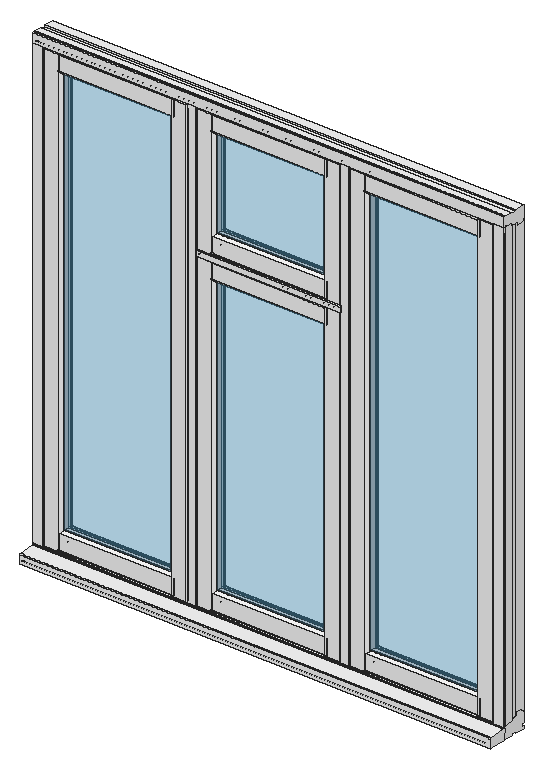
Revit family "C31", category Generic Models, Revit 2012
Parameters (values of type "Window Sill drawing")
  Width = 1778 mm
  Height = 1770 mm
  GlazingPanelMaterial = Glass
  Floor Material = White
Reference planes
  plane 1 "Center (Front/Back)": y = 0
  plane 2: z = 0
  plane 3 "Center (Left/Right)": x = 0
  plane 4: z = 33
  plane 5: x = -1328
  plane 6: x = -439
  plane 7: x = 450
  plane 8: y = 67
  plane 9: y = -67
  plane 10: z = 1770
  plane 11: z = 117
  plane 12: x = 414
  plane 13: x = 402
  plane 14: z = 60
  plane 15: y = 16.985
  plane 16: z = 1734
  plane 17: z = 1730
  plane 18: x = -1292
  plane 19: x = -1288
  plane 20: x = -132
  plane 21: x = -136
  plane 22: x = -168
  plane 23: x = -164
  plane 24: x = -710
  plane 25: x = -714
  plane 26: z = 1255.81
  plane 27: z = 1251.81
  plane 28: z = 1228.81
  plane 29: z = 1224.81
Forms (mm)
  Extrusion 1, solid, not visible
    sketch origin (0, 0, 9.375) x (0, 1, 0) y (0, 0, 1)
      loop
        line (94.662, 311.911) -> (94.314, 312.868) -> (95.314, 312.868) -> (93.454, 317.977) -> (86.115, 317.977) -> (85.011, 317.575) -> (64.143, 317.575) -> (64.143, 311.911) -> (94.662, 311.911)
    from 0 to 250
  Extrusion 2, solid, not visible
    sketch origin (0, 0, 9.375) x (0, 1, 0) y (0, 0, 1)
      loop
        line (93.688, 317.334) -> (85.92, 317.334) -> (87.101, 312.926) -> (95.293, 312.926) -> (93.688, 317.334)
      loop
        line (91.853, 322.376) -> (91.853, 328.194)
        arc (91.853, 328.194) -> (91.424, 329.231) -> (90.388, 329.66) r 1.465
        line (90.388, 329.66) -> (71.853, 329.66) -> (71.853, 322.376) -> (91.853, 322.376)
      loop
        line (73.373, 320.598) -> (64.143, 320.598) -> (64.143, 317.575) -> (73.373, 317.575) -> (73.373, 320.598)
      loop
        line (61.169, 311.884) -> (61.169, 316.884) -> (56.169, 316.884)
        arc (56.169, 316.884) -> (53.926, 317.813) -> (52.996, 320.057) r 3.173
        line (52.996, 320.057) -> (52.996, 327.594)
        arc (52.996, 327.594) -> (53.247, 329.284) -> (54.656, 330.25) r 2.138
        line (54.656, 330.25) -> (56.493, 330.25)
        arc (56.493, 330.25) -> (57.939, 329.727) -> (58.925, 328.548) r 2.95
        line (58.925, 328.548) -> (59.306, 324.922) -> (61.24, 324.922) -> (60.612, 330.901)
        arc (60.612, 330.901) -> (59.723, 332.646) -> (57.894, 333.348) r 2.733
        line (57.894, 333.348) -> (52.423, 333.348)
        arc (52.423, 333.348) -> (50.164, 330.795) -> (49.999, 327.391) r 5.139
        line (49.999, 327.391) -> (47.957, 316.884)
        arc (47.957, 316.884) -> (49.179, 314.507) -> (49.698, 311.884) r 9.583
        line (49.698, 311.884) -> (61.169, 311.884)
    from 0 to 250
  Extrusion 3, solid, not visible
    sketch origin (-848.022, -244.537, 0) x (1, 0, 0) y (0, 1, 0)
      loop
        line (-156.504, 643.402) -> (-146.504, 653.402) -> (-146.504, 655.402) -> (-162.504, 655.402) -> (-162.504, 703.402) -> (-199.504, 703.402)
        arc (-199.504, 703.402) -> (-201.625, 702.524) -> (-202.504, 700.402) r 3
        line (-202.504, 700.402) -> (-202.504, 695.402) -> (-196.504, 695.402) -> (-196.504, 692.402) -> (-202.504, 692.402) -> (-202.504, 679.402) -> (-196.504, 679.402) -> (-196.504, 667.402) -> (-202.504, 667.402) -> (-202.504, 646.402)
        arc (-202.504, 646.402) -> (-201.625, 644.281) -> (-199.504, 643.402) r 3
        line (-199.504, 643.402) -> (-156.504, 643.402)
    from 672 to 1294
  Extrusion 4, solid, not visible
    sketch origin (-848.022, -244.537, 0) x (1, 0, 0) y (0, 1, 0)
      loop
        line (-162.504, 700.402) -> (-162.504, 681.402) -> (-150.504, 681.402) -> (-150.504, 684.402) -> (-146.504, 685.402) -> (-146.504, 689.402) -> (-149.504, 689.402)
        arc (-149.504, 689.402) -> (-151.847, 695.059) -> (-157.504, 697.402) r 8
        line (-157.504, 697.402) -> (-157.504, 700.402) -> (-162.504, 700.402)
    from 672 to 1294
  Extrusion 5, solid, not visible
    sketch origin (-511.418, -643.152, -230) x (1, 0, 0) y (0, 1, 0)
      loop
        line (-200.504, 641.902) -> (-200.504, 638.902) -> (-198.254, 638.902) -> (-198.254, 634.902) -> (-195.818, 634.902) -> (-195.818, 638.902) -> (-193.504, 638.902) -> (-193.504, 641.902) -> (-195.282, 641.902) -> (-195.282, 641.116) -> (-194.482, 641.116) -> (-194.482, 639.814) -> (-199.81, 639.814) -> (-199.81, 641.116) -> (-199.01, 641.116) -> (-199.01, 641.902) -> (-200.504, 641.902)
    from 230 to 852
  Extrusion 6, solid, not visible
    sketch origin (-511.418, -643.152, -140) x (1, 0, 0) y (0, 1, 0)
      loop
        line (-194.482, 639.814) -> (-194.482, 641.116) -> (-199.81, 641.116) -> (-199.81, 639.814) -> (-194.482, 639.814)
    from 140 to 762
  Extrusion 7, solid, not visible
    sketch origin (-511.418, -643.152, 0) x (1, 0, 0) y (0, 1, 0)
      loop
        spline (-199.847, 645.779) -> (-199.478, 645.505) -> (-199.241, 645.183) -> (-199.108, 644.823) -> (-199.048, 644.431) -> (-199.033, 644.016) -> (-199.035, 643.585) -> (-199.023, 643.147) -> (-198.97, 642.709) -> (-198.847, 642.279) -> (-198.624, 641.865) -> (-198.272, 641.475) -> (-197.764, 641.116)
        line (-197.764, 641.116) -> (-196.529, 641.116)
        spline (-196.529, 641.116) -> (-195.991, 641.457) -> (-195.612, 641.839) -> (-195.363, 642.251) -> (-195.215, 642.684) -> (-195.139, 643.129) -> (-195.106, 643.577) -> (-195.086, 644.017) -> (-195.05, 644.441) -> (-194.969, 644.838) -> (-194.814, 645.2) -> (-194.556, 645.517) -> (-194.166, 645.779)
        line (-194.166, 645.779) -> (-199.847, 645.779)
    from 0 to 622
  Extrusion 8, solid, material "White" <- "Floor Material"
    sketch origin (0, -3440.583, 266.929) x (0, 1, 0) y (0, 0, 1)
      loop
        line (3451.083, 1455.128) -> (3435.083, 1455.128)
        arc (3435.083, 1455.128) -> (3433.669, 1454.542) -> (3433.083, 1453.128) r 2
        line (3433.083, 1453.128) -> (3415.083, 1453.128)
        arc (3415.083, 1453.128) -> (3414.498, 1454.542) -> (3413.083, 1455.128) r 2
        line (3413.083, 1455.128) -> (3402.083, 1455.128) -> (3402.083, 1460.128)
        arc (3402.083, 1460.128) -> (3401.205, 1462.249) -> (3399.083, 1463.128) r 3
        line (3399.083, 1463.128) -> (3397.083, 1463.128)
        arc (3397.083, 1463.128) -> (3394.962, 1462.249) -> (3394.083, 1460.128) r 3
        line (3394.083, 1460.128) -> (3394.083, 1405.128) -> (3404.083, 1395.128) -> (3406.083, 1395.128) -> (3406.083, 1411.128) -> (3454.083, 1411.128) -> (3454.083, 1452.128)
        arc (3454.083, 1452.128) -> (3453.205, 1454.249) -> (3451.083, 1455.128) r 3
    from -657.987 to -219.993
  Sweep 9, solid, material "White" <- "Floor Material"
    path origin (16.12, -8, -4.107) x (1, 0, 0) y (0, 0, 1)
      loop
        line (-674, 1682.007) -> (-674, 1316.11) -> (-236.22, 1316.11) -> (-236.22, 1682.007) -> (-674, 1682.007)
    profile origin (-438.99, -8, 1677.9) x (0, 0, 1) y (0, -1, 0)
      loop
        line (-4.893, -19) -> (0.107, -19) -> (0.107, 0) -> (-11.893, 0) -> (-11.893, -3) -> (-15.893, -4) -> (-15.893, -8) -> (-12.893, -8)
        arc (-12.893, -8) -> (-10.55, -13.657) -> (-4.893, -16) r 8
        line (-4.893, -16) -> (-4.893, -19)
  Extrusion 10, solid, material "Glass"
    sketch origin (2388.494, -1584.07, 280) x (1, 0, 0) y (0, 1, 0)
      loop
        line (-3042.481, 1575.085) -> (-3042.481, 1571.085) -> (-2613.487, 1571.085) -> (-2613.487, 1575.085) -> (-3042.481, 1575.085)
      loop
        line (-3042.481, 1555.085) -> (-3042.481, 1551.085) -> (-2613.487, 1551.085) -> (-2613.487, 1555.085) -> (-3042.481, 1555.085)
    from 1035.803 to 1393.007
  Sweep 11, solid
    path origin (16.013, -20.977, 276) x (1, 0, 0) y (0, 0, 1)
      loop
        line (-670, 1398.057) -> (-670, 1039.803) -> (-240.013, 1039.803) -> (-240.013, 1398.057) -> (-670, 1398.057)
    profile origin (-438.993, -20.977, 1674.057) x (0, 0, 1) y (0, -1, 0)
      loop
        line (0, -8) -> (0, 8) -> (-10, 8) -> (-10, -8) -> (0, -8)
  Extrusion 12, solid, material "White" <- "Floor Material"
    sketch origin (0, -3500.599, -3.128) x (0, 1, 0) y (0, 0, 1)
      loop
        line (3457.583, 41.128) -> (3452.583, 41.128) -> (3395.213, 37.105)
        arc (3395.213, 37.105) -> (3393.335, 36.114) -> (3392.583, 34.128) r 3
        line (3392.583, 34.128) -> (3392.583, 3.128) -> (3397.583, 3.128) -> (3397.583, 5.128)
        arc (3397.583, 5.128) -> (3400.583, 8.128) -> (3403.583, 5.128) r 3
        line (3403.583, 5.128) -> (3403.583, 3.128) -> (3452.583, 3.128) -> (3452.583, 26.128) -> (3457.583, 26.128) -> (3457.583, 41.128)
    from -1328 to 450
  Extrusion 13, solid, material "White" <- "Floor Material"
    sketch origin (0, -3500.599, -3.128) x (0, 1, 0) y (0, 0, 1)
      loop
        line (3546.583, 58.128) -> (3543.583, 58.128)
        arc (3543.583, 58.128) -> (3540.655, 65.199) -> (3533.583, 68.128) r 10
        line (3533.583, 68.128) -> (3533.583, 71.128) -> (3517.583, 71.128) -> (3517.583, 63.128) -> (3523.583, 63.128) -> (3523.583, 60.128) -> (3517.583, 60.128) -> (3517.583, 59.128) -> (3494.583, 56.128) -> (3494.583, 51.128) -> (3454.583, 46.128)
        arc (3454.583, 46.128) -> (3453.169, 45.542) -> (3452.583, 44.128) r 2
        line (3452.583, 44.128) -> (3452.583, 41.128) -> (3457.583, 41.128) -> (3457.583, 26.128) -> (3452.583, 26.128) -> (3452.583, 3.128) -> (3457.583, 3.128) -> (3457.583, 5.128)
        arc (3457.583, 5.128) -> (3460.583, 8.128) -> (3463.583, 5.128) r 3
        line (3463.583, 5.128) -> (3463.583, 3.128) -> (3489.583, 3.128) -> (3489.583, 8.128) -> (3509.583, 8.128) -> (3509.583, 3.128) -> (3546.583, 3.128) -> (3546.583, 13.128) -> (3536.583, 13.128) -> (3536.583, 23.128) -> (3546.583, 23.128) -> (3546.583, 58.128)
    from -1328 to 450
  Sweep 14, solid, material "White" <- "Floor Material"
    path origin (0, 0, 0) x (1, 0, 0) y (0, 0, 1)
      loop
        line (-1328, 1770) -> (450, 1770)
    profile origin (-439, 0, 1770) x (0, 0, 1) y (0, -1, 0)
      loop
        line (0, -10) -> (-5, -10) -> (-5, 10) -> (0, 10) -> (0, 36) -> (-2, 36)
        arc (-2, 36) -> (-5, 39) -> (-2, 42) r 3
        line (-2, 42) -> (0, 42) -> (0, 47) -> (-36, 47) -> (-36, 43)
        arc (-36, 43) -> (-34.834, 41.499) -> (-33, 41) r 3
        line (-33, 41) -> (-33, 34.079)
        arc (-33, 34.079) -> (-34.922, 33.441) -> (-36, 31.727) r 3
        line (-36, 31.727) -> (-36, 7) -> (-44, 7) -> (-44, -1) -> (-36, -1) -> (-36, -4) -> (-44, -4) -> (-44, -14) -> (-36, -14) -> (-36, -18) -> (-56, -18) -> (-56, -34) -> (-53, -34)
        arc (-53, -34) -> (-50.071, -41.071) -> (-43, -44) r 10
        line (-43, -44) -> (-43, -47) -> (0, -47) -> (0, -10)
  Extrusion 15, solid, material "White" <- "Floor Material"
    sketch origin (753.141, -3440.699, 1654.007) x (0, 1, 0) y (-1, 0, 0)
      loop
        line (3451.083, 1455.128) -> (3435.083, 1455.128)
        arc (3435.083, 1455.128) -> (3433.669, 1454.542) -> (3433.083, 1453.128) r 2
        line (3433.083, 1453.128) -> (3415.083, 1453.128)
        arc (3415.083, 1453.128) -> (3414.498, 1454.542) -> (3413.083, 1455.128) r 2
        line (3413.083, 1455.128) -> (3402.083, 1455.128) -> (3402.083, 1460.128)
        arc (3402.083, 1460.128) -> (3401.205, 1462.249) -> (3399.083, 1463.128) r 3
        line (3399.083, 1463.128) -> (3397.083, 1463.128)
        arc (3397.083, 1463.128) -> (3394.962, 1462.249) -> (3394.083, 1460.128) r 3
        line (3394.083, 1460.128) -> (3394.083, 1405.128) -> (3404.083, 1395.128) -> (3406.083, 1395.128) -> (3406.083, 1411.128) -> (3454.083, 1411.128) -> (3454.083, 1452.128)
        arc (3454.083, 1452.128) -> (3453.205, 1454.249) -> (3451.083, 1455.128) r 3
    from -398.197 to 76.051
  Extrusion 16, solid, material "White" <- "Floor Material"
    sketch origin (-1521.128, -3440.699, 1654.007) x (0, 1, 0) y (-1, 0, 0)
      loop
        arc (3451.083, -1345.128) -> (3453.205, -1344.249) -> (3454.083, -1342.128) r 3
        line (3454.083, -1342.128) -> (3454.083, -1301.128) -> (3406.083, -1301.128) -> (3406.083, -1285.128) -> (3404.083, -1285.128) -> (3394.083, -1295.128) -> (3394.083, -1350.128)
        arc (3394.083, -1350.128) -> (3394.962, -1352.249) -> (3397.083, -1353.128) r 3
        line (3397.083, -1353.128) -> (3399.083, -1353.128)
        arc (3399.083, -1353.128) -> (3401.205, -1352.249) -> (3402.083, -1350.128) r 3
        line (3402.083, -1350.128) -> (3402.083, -1345.128) -> (3413.083, -1345.128)
        arc (3413.083, -1345.128) -> (3414.498, -1344.542) -> (3415.083, -1343.128) r 2
        line (3415.083, -1343.128) -> (3433.083, -1343.128)
        arc (3433.083, -1343.128) -> (3433.669, -1344.542) -> (3435.083, -1345.128) r 2
        line (3435.083, -1345.128) -> (3451.083, -1345.128)
    from -398.197 to 76.051
  Extrusion 17, solid, material "White" <- "Floor Material"
    sketch origin (-14.349, -3440.583, 2722.931) x (0, 1, 0) y (0, 0, 1)
      loop
        arc (3451.083, -1455.128) -> (3453.205, -1454.249) -> (3454.083, -1452.128) r 3
        line (3454.083, -1452.128) -> (3454.083, -1411.128) -> (3406.083, -1411.128) -> (3406.083, -1395.128) -> (3404.083, -1395.128) -> (3394.083, -1405.128) -> (3394.083, -1464.121)
        arc (3394.083, -1464.121) -> (3394.962, -1466.243) -> (3397.083, -1467.121) r 3
        line (3397.083, -1467.121) -> (3399.083, -1467.121)
        arc (3399.083, -1467.121) -> (3401.205, -1466.243) -> (3402.083, -1464.121) r 3
        line (3402.083, -1464.121) -> (3402.083, -1455.128) -> (3413.083, -1455.128)
        arc (3413.083, -1455.128) -> (3414.498, -1454.542) -> (3415.083, -1453.128) r 2
        line (3415.083, -1453.128) -> (3433.083, -1453.128)
        arc (3433.083, -1453.128) -> (3433.669, -1454.542) -> (3435.083, -1455.128) r 2
        line (3435.083, -1455.128) -> (3451.083, -1455.128)
    from -643.638 to -205.644
  Extrusion 18, solid, material "White" <- "Floor Material"
    sketch origin (-1476.128, -3440.699, 1654.007) x (0, 1, 0) y (-1, 0, 0)
      loop
        line (3397.083, -1312.128) -> (3393.083, -1312.128) -> (3393.083, -1340.128) -> (3397.083, -1340.128)
        arc (3397.083, -1340.128) -> (3398.498, -1339.542) -> (3399.083, -1338.128) r 2
        line (3399.083, -1338.128) -> (3399.083, -1337.128) -> (3406.083, -1337.128) -> (3406.083, -1338.128)
        arc (3406.083, -1338.128) -> (3406.669, -1339.542) -> (3408.083, -1340.128) r 2
        line (3408.083, -1340.128) -> (3433.083, -1340.128) -> (3433.083, -1346.128) -> (3441.083, -1346.128) -> (3441.083, -1340.128) -> (3444.083, -1340.128) -> (3444.083, -1348.128) -> (3454.083, -1348.128) -> (3454.083, -1340.128) -> (3458.083, -1340.128) -> (3458.083, -1360.128) -> (3474.083, -1360.128) -> (3474.083, -1357.128)
        arc (3474.083, -1357.128) -> (3481.155, -1354.199) -> (3484.083, -1347.128) r 10
        line (3484.083, -1347.128) -> (3487.083, -1347.128) -> (3487.083, -1305.128) -> (3484.083, -1305.128)
        arc (3484.083, -1305.128) -> (3481.155, -1298.057) -> (3474.083, -1295.128) r 10
        line (3474.083, -1295.128) -> (3474.083, -1292.128) -> (3458.083, -1292.128) -> (3458.083, -1312.128) -> (3454.083, -1312.128) -> (3454.083, -1304.128) -> (3444.083, -1304.128) -> (3444.083, -1312.128) -> (3441.083, -1312.128) -> (3441.083, -1306.128) -> (3433.083, -1306.128) -> (3433.083, -1312.128) -> (3408.083, -1312.128)
        arc (3408.083, -1312.128) -> (3406.669, -1312.714) -> (3406.083, -1314.128) r 2
        line (3406.083, -1314.128) -> (3406.083, -1315.128) -> (3399.083, -1315.128) -> (3399.083, -1314.128)
        arc (3399.083, -1314.128) -> (3398.498, -1312.714) -> (3397.083, -1312.128) r 2
    from -1606.007 to 79.993
  Extrusion 19, solid, material "White" <- "Floor Material"
    sketch origin (-300, -3440.583, 266.513) x (0, 1, 0) y (0, 0, -1)
      loop
        arc (3451.083, -1455.128) -> (3453.205, -1454.249) -> (3454.083, -1452.128) r 3
        line (3454.083, -1452.128) -> (3454.083, -1411.128) -> (3406.083, -1411.128) -> (3406.083, -1395.128) -> (3404.083, -1395.128) -> (3394.083, -1405.128) -> (3394.083, -1460.128)
        arc (3394.083, -1460.128) -> (3394.962, -1462.249) -> (3397.083, -1463.128) r 3
        line (3397.083, -1463.128) -> (3399.083, -1463.128)
        arc (3399.083, -1463.128) -> (3401.205, -1462.249) -> (3402.083, -1460.128) r 3
        line (3402.083, -1460.128) -> (3402.083, -1455.128) -> (3413.083, -1455.128)
        arc (3413.083, -1455.128) -> (3414.498, -1454.542) -> (3415.083, -1453.128) r 2
        line (3415.083, -1453.128) -> (3433.083, -1453.128)
        arc (3433.083, -1453.128) -> (3433.669, -1454.542) -> (3435.083, -1455.128) r 2
        line (3435.083, -1455.128) -> (3451.083, -1455.128)
    from -657.987 to -220.093
  Extrusion 20, solid, material "White" <- "Floor Material"
    sketch origin (-1053.141, -3440.699, 1654.007) x (0, 1, 0) y (-1, 0, 0)
      loop
        arc (3451.083, -1455.128) -> (3453.205, -1454.249) -> (3454.083, -1452.128) r 3
        line (3454.083, -1452.128) -> (3454.083, -1411.128) -> (3406.083, -1411.128) -> (3406.083, -1395.128) -> (3404.083, -1395.128) -> (3394.083, -1405.128) -> (3394.083, -1460.128)
        arc (3394.083, -1460.128) -> (3394.962, -1462.249) -> (3397.083, -1463.128) r 3
        line (3397.083, -1463.128) -> (3399.083, -1463.128)
        arc (3399.083, -1463.128) -> (3401.205, -1462.249) -> (3402.083, -1460.128) r 3
        line (3402.083, -1460.128) -> (3402.083, -1455.128) -> (3413.083, -1455.128)
        arc (3413.083, -1455.128) -> (3414.498, -1454.542) -> (3415.083, -1453.128) r 2
        line (3415.083, -1453.128) -> (3433.083, -1453.128)
        arc (3433.083, -1453.128) -> (3433.669, -1454.542) -> (3435.083, -1455.128) r 2
        line (3435.083, -1455.128) -> (3451.083, -1455.128)
    from -1606.007 to 75.634
  Extrusion 21, solid, material "White" <- "Floor Material"
    sketch origin (-300, -3440.199, 1515.078) x (0, 1, 0) y (0, 0, -1)
      loop
        line (3451.083, 1455.128) -> (3435.083, 1455.128)
        arc (3435.083, 1455.128) -> (3433.669, 1454.542) -> (3433.083, 1453.128) r 2
        line (3433.083, 1453.128) -> (3415.083, 1453.128)
        arc (3415.083, 1453.128) -> (3414.498, 1454.542) -> (3413.083, 1455.128) r 2
        line (3413.083, 1455.128) -> (3402.083, 1455.128) -> (3402.083, 1464.078)
        arc (3402.083, 1464.078) -> (3401.205, 1466.2) -> (3399.083, 1467.078) r 3
        line (3399.083, 1467.078) -> (3397.083, 1467.078)
        arc (3397.083, 1467.078) -> (3394.962, 1466.2) -> (3394.083, 1464.078) r 3
        line (3394.083, 1464.078) -> (3394.083, 1405.128) -> (3404.083, 1395.128) -> (3406.083, 1395.128) -> (3406.083, 1411.128) -> (3454.083, 1411.128) -> (3454.083, 1452.128)
        arc (3454.083, 1452.128) -> (3453.205, 1454.249) -> (3451.083, 1455.128) r 3
    from -657.987 to -220.093
  Extrusion 22, solid, material "White" <- "Floor Material"
    sketch origin (0, -3440.583, 1515.128) x (0, 1, 0) y (0, 0, 1)
      loop
        arc (3451.083, -1455.128) -> (3453.205, -1454.249) -> (3454.083, -1452.128) r 3
        line (3454.083, -1452.128) -> (3454.083, -1411.128) -> (3406.083, -1411.128) -> (3406.083, -1395.128) -> (3404.083, -1395.128) -> (3394.083, -1405.128) -> (3394.083, -1464.128)
        arc (3394.083, -1464.128) -> (3394.962, -1466.249) -> (3397.083, -1467.128) r 3
        line (3397.083, -1467.128) -> (3399.083, -1467.128)
        arc (3399.083, -1467.128) -> (3401.205, -1466.249) -> (3402.083, -1464.128) r 3
        line (3402.083, -1464.128) -> (3402.083, -1455.128) -> (3413.083, -1455.128)
        arc (3413.083, -1455.128) -> (3414.498, -1454.542) -> (3415.083, -1453.128) r 2
        line (3415.083, -1453.128) -> (3433.083, -1453.128)
        arc (3433.083, -1453.128) -> (3433.669, -1454.542) -> (3435.083, -1455.128) r 2
        line (3435.083, -1455.128) -> (3451.083, -1455.128)
    from -657.987 to -219.993
  Extrusion 23, solid, material "White" <- "Floor Material"
    sketch origin (-2125.852, -3440.699, -191.1) x (0, 1, 0) y (0, 0, -1)
      loop
        line (3397.083, -1421.91) -> (3393.083, -1421.91) -> (3393.083, -1441.91) -> (3393.083, -1442.91)
        arc (3393.083, -1442.91) -> (3393.669, -1444.325) -> (3395.083, -1444.91) r 2
        line (3395.083, -1444.91) -> (3435.083, -1450.128) -> (3435.083, -1455.128) -> (3458.083, -1458.128) -> (3458.083, -1459.128) -> (3464.083, -1459.128) -> (3464.083, -1462.128) -> (3458.083, -1462.128) -> (3458.083, -1470.128) -> (3474.083, -1470.128) -> (3474.083, -1467.128)
        arc (3474.083, -1467.128) -> (3481.155, -1464.199) -> (3484.083, -1457.128) r 10
        line (3484.083, -1457.128) -> (3487.083, -1457.128) -> (3487.083, -1415.128) -> (3484.083, -1415.128)
        arc (3484.083, -1415.128) -> (3481.155, -1408.057) -> (3474.083, -1405.128) r 10
        line (3474.083, -1405.128) -> (3474.083, -1402.128) -> (3458.083, -1402.128) -> (3458.083, -1422.128) -> (3454.083, -1422.128) -> (3454.083, -1413.91) -> (3444.083, -1413.91) -> (3444.083, -1421.91) -> (3441.083, -1421.91) -> (3441.083, -1415.91) -> (3433.083, -1415.91) -> (3433.083, -1421.91) -> (3408.083, -1421.91)
        arc (3408.083, -1421.91) -> (3406.669, -1422.496) -> (3406.083, -1423.91) r 2
        line (3406.083, -1423.91) -> (3406.083, -1424.91) -> (3399.083, -1424.91) -> (3399.083, -1423.91)
        arc (3399.083, -1423.91) -> (3398.498, -1422.496) -> (3397.083, -1421.91) r 2
    from -1961.852 to -1411.852
  Extrusion 24, solid, material "White" <- "Floor Material"
    sketch origin (-31.073, -3440.583, -234.318) x (0, 1, 0) y (0, 0, 1)
      loop
        line (3451.083, 1455.128) -> (3435.083, 1455.128)
        arc (3435.083, 1455.128) -> (3433.669, 1454.542) -> (3433.083, 1453.128) r 2
        line (3433.083, 1453.128) -> (3415.083, 1453.128)
        arc (3415.083, 1453.128) -> (3414.498, 1454.542) -> (3413.083, 1455.128) r 2
        line (3413.083, 1455.128) -> (3402.083, 1455.128) -> (3402.083, 1460.128)
        arc (3402.083, 1460.128) -> (3401.205, 1462.249) -> (3399.083, 1463.128) r 3
        line (3399.083, 1463.128) -> (3397.083, 1463.128)
        arc (3397.083, 1463.128) -> (3394.962, 1462.249) -> (3394.083, 1460.128) r 3
        line (3394.083, 1460.128) -> (3394.083, 1405.128) -> (3404.083, 1395.128) -> (3406.083, 1395.128) -> (3406.083, 1411.128) -> (3454.083, 1411.128) -> (3454.083, 1452.128)
        arc (3454.083, 1452.128) -> (3453.205, 1454.249) -> (3451.083, 1455.128) r 3
    from -626.914 to -188.92
  Sweep 25, solid, material "White" <- "Floor Material"
    path origin (16.12, -8, -514.094) x (1, 0, 0) y (0, 0, 1)
      loop
        line (-674, 1689.021) -> (-674, 618.194) -> (-236.22, 618.194) -> (-236.22, 1689.021) -> (-674, 1689.021)
    profile origin (-438.99, -8, 1174.927) x (0, 0, 1) y (0, -1, 0)
      loop
        line (-4.893, -19) -> (0.107, -19) -> (0.107, 0) -> (-11.893, 0) -> (-11.893, -3) -> (-15.893, -4) -> (-15.893, -8) -> (-12.893, -8)
        arc (-12.893, -8) -> (-10.55, -13.657) -> (-4.893, -16) r 8
        line (-4.893, -16) -> (-4.893, -19)
  Extrusion 26, solid, material "White" <- "Floor Material"
    sketch origin (753.141, -3440.699, 1144.02) x (0, 1, 0) y (-1, 0, 0)
      loop
        line (3451.083, 1455.128) -> (3435.083, 1455.128)
        arc (3435.083, 1455.128) -> (3433.669, 1454.542) -> (3433.083, 1453.128) r 2
        line (3433.083, 1453.128) -> (3415.083, 1453.128)
        arc (3415.083, 1453.128) -> (3414.498, 1454.542) -> (3413.083, 1455.128) r 2
        line (3413.083, 1455.128) -> (3402.083, 1455.128) -> (3402.083, 1460.128)
        arc (3402.083, 1460.128) -> (3401.205, 1462.249) -> (3399.083, 1463.128) r 3
        line (3399.083, 1463.128) -> (3397.083, 1463.128)
        arc (3397.083, 1463.128) -> (3394.962, 1462.249) -> (3394.083, 1460.128) r 3
        line (3394.083, 1460.128) -> (3394.083, 1405.128) -> (3404.083, 1395.128) -> (3406.083, 1395.128) -> (3406.083, 1411.128) -> (3454.083, 1411.128) -> (3454.083, 1452.128)
        arc (3454.083, 1452.128) -> (3453.205, 1454.249) -> (3451.083, 1455.128) r 3
    from -1096.143 to 84.79
  Extrusion 27, solid, material "White" <- "Floor Material"
    sketch origin (-1521.128, -3440.699, 1144.02) x (0, 1, 0) y (-1, 0, 0)
      loop
        arc (3451.083, -1345.128) -> (3453.205, -1344.249) -> (3454.083, -1342.128) r 3
        line (3454.083, -1342.128) -> (3454.083, -1301.128) -> (3406.083, -1301.128) -> (3406.083, -1285.128) -> (3404.083, -1285.128) -> (3394.083, -1295.128) -> (3394.083, -1350.128)
        arc (3394.083, -1350.128) -> (3394.962, -1352.249) -> (3397.083, -1353.128) r 3
        line (3397.083, -1353.128) -> (3399.083, -1353.128)
        arc (3399.083, -1353.128) -> (3401.205, -1352.249) -> (3402.083, -1350.128) r 3
        line (3402.083, -1350.128) -> (3402.083, -1345.128) -> (3413.083, -1345.128)
        arc (3413.083, -1345.128) -> (3414.498, -1344.542) -> (3415.083, -1343.128) r 2
        line (3415.083, -1343.128) -> (3433.083, -1343.128)
        arc (3433.083, -1343.128) -> (3433.669, -1344.542) -> (3435.083, -1345.128) r 2
        line (3435.083, -1345.128) -> (3451.083, -1345.128)
    from -1096.02 to 84.79
  Extrusion 28, solid, material "Glass"
    sketch origin (2388.494, -1584.07, -509.987) x (1, 0, 0) y (0, 1, 0)
      loop
        line (-3042.481, 1575.085) -> (-3042.481, 1571.085) -> (-2608.487, 1571.085) -> (-2608.487, 1575.085) -> (-3042.481, 1575.085)
      loop
        line (-3042.481, 1555.085) -> (-3042.481, 1551.085) -> (-2608.487, 1551.085) -> (-2608.487, 1555.085) -> (-3042.481, 1555.085)
    from 617.987 to 1680.797
  Sweep 29, solid
    path origin (16.013, -20.977, -513.987) x (1, 0, 0) y (0, 0, 1)
      loop
        line (-670, 1685.021) -> (-670, 621.987) -> (-240.006, 621.987) -> (-240.006, 1685.021) -> (-670, 1685.021)
    profile origin (-438.99, -20.977, 1171.034) x (0, 0, 1) y (0, -1, 0)
      loop
        line (0, -8) -> (0, 8) -> (-10, 8) -> (-10, -8) -> (0, -8)
  Sweep 30, solid, material "White" <- "Floor Material"
    path origin (593.813, -8, -514.094) x (1, 0, 0) y (0, 0, 1)
      loop
        line (-673.613, 2191.534) -> (-673.613, 618.194) -> (-236, 618.194) -> (-236, 2191.534) -> (-673.613, 2191.534)
    profile origin (139.007, -8, 1677.441) x (0, 0, 1) y (0, -1, 0)
      loop
        line (-4.893, -19) -> (0.107, -19) -> (0.107, 0) -> (-11.893, 0) -> (-11.893, -3) -> (-15.893, -4) -> (-15.893, -8) -> (-12.893, -8)
        arc (-12.893, -8) -> (-10.55, -13.657) -> (-4.893, -16) r 8
        line (-4.893, -16) -> (-4.893, -19)
  Extrusion 31, solid, material "Glass"
    sketch origin (2966.187, -1584.07, -509.987) x (1, 0, 0) y (0, 1, 0)
      loop
        line (-3041.094, 1575.085) -> (-3041.094, 1571.085) -> (-2612.267, 1571.085) -> (-2612.267, 1575.085) -> (-3041.094, 1575.085)
      loop
        line (-3041.96, 1555.085) -> (-3041.96, 1551.085) -> (-2612.267, 1551.085) -> (-2612.267, 1555.085) -> (-3041.96, 1555.085)
    from 617.987 to 2182.534
  Sweep 32, solid
    path origin (593.706, -20.977, -513.987) x (1, 0, 0) y (0, 0, 1)
      loop
        line (-669.479, 2187.987) -> (-669.479, 621.987) -> (-239.786, 621.987) -> (-239.786, 2187.987) -> (-669.479, 2187.987)
    profile origin (139.074, -20.977, 1674) x (0, 0, 1) y (0, -1, 0)
      loop
        line (0, -8) -> (0, 8) -> (-10, 8) -> (-10, -8) -> (0, -8)
  Extrusion 33, solid, material "White" <- "Floor Material"
    sketch origin (1331.128, -3440.699, 1144.02) x (0, 1, 0) y (-1, 0, 0)
      loop
        line (3451.083, 1455.128) -> (3435.083, 1455.128)
        arc (3435.083, 1455.128) -> (3433.669, 1454.542) -> (3433.083, 1453.128) r 2
        line (3433.083, 1453.128) -> (3415.083, 1453.128)
        arc (3415.083, 1453.128) -> (3414.498, 1454.542) -> (3413.083, 1455.128) r 2
        line (3413.083, 1455.128) -> (3402.083, 1455.128) -> (3402.083, 1460.128)
        arc (3402.083, 1460.128) -> (3401.205, 1462.249) -> (3399.083, 1463.128) r 3
        line (3399.083, 1463.128) -> (3397.083, 1463.128)
        arc (3397.083, 1463.128) -> (3394.962, 1462.249) -> (3394.083, 1460.128) r 3
        line (3394.083, 1460.128) -> (3394.083, 1405.128) -> (3404.083, 1395.128) -> (3406.083, 1395.128) -> (3406.083, 1411.128) -> (3454.083, 1411.128) -> (3454.083, 1452.128)
        arc (3454.083, 1452.128) -> (3453.205, 1454.249) -> (3451.083, 1455.128) r 3
    from -1096.143 to 585.621
  Extrusion 34, solid, material "White" <- "Floor Material"
    sketch origin (-578, -3440.583, 266.929) x (0, 1, 0) y (0, 0, 1)
      loop
        line (3451.083, 1455.128) -> (3435.083, 1455.128)
        arc (3435.083, 1455.128) -> (3433.669, 1454.542) -> (3433.083, 1453.128) r 2
        line (3433.083, 1453.128) -> (3415.083, 1453.128)
        arc (3415.083, 1453.128) -> (3414.498, 1454.542) -> (3413.083, 1455.128) r 2
        line (3413.083, 1455.128) -> (3402.083, 1455.128) -> (3402.083, 1460.128)
        arc (3402.083, 1460.128) -> (3401.205, 1462.249) -> (3399.083, 1463.128) r 3
        line (3399.083, 1463.128) -> (3397.083, 1463.128)
        arc (3397.083, 1463.128) -> (3394.962, 1462.249) -> (3394.083, 1460.128) r 3
        line (3394.083, 1460.128) -> (3394.083, 1405.128) -> (3404.083, 1395.128) -> (3406.083, 1395.128) -> (3406.083, 1411.128) -> (3454.083, 1411.128) -> (3454.083, 1452.128)
        arc (3454.083, 1452.128) -> (3453.205, 1454.249) -> (3451.083, 1455.128) r 3
    from -657.987 to -219.993
  Sweep 35, solid, material "White" <- "Floor Material"
    path origin (-561.88, -8, -4.107) x (1, 0, 0) y (0, 0, 1)
      loop
        line (-674, 1682.007) -> (-674, 108.207) -> (-236.22, 108.207) -> (-236.22, 1682.007) -> (-674, 1682.007)
    profile origin (-1016.99, -8, 1677.9) x (0, 0, 1) y (0, -1, 0)
      loop
        line (-4.893, -19) -> (0.107, -19) -> (0.107, 0) -> (-11.893, 0) -> (-11.893, -3) -> (-15.893, -4) -> (-15.893, -8) -> (-12.893, -8)
        arc (-12.893, -8) -> (-10.55, -13.657) -> (-4.893, -16) r 8
        line (-4.893, -16) -> (-4.893, -19)
  Extrusion 36, solid, material "Glass"
    sketch origin (1810.494, -1584.07, 280) x (1, 0, 0) y (0, 1, 0)
      loop
        line (-3042.481, 1575.085) -> (-3042.481, 1571.085) -> (-2613.487, 1571.085) -> (-2613.487, 1575.085) -> (-3042.481, 1575.085)
      loop
        line (-3042.481, 1555.085) -> (-3042.481, 1551.085) -> (-2613.487, 1551.085) -> (-2613.487, 1555.085) -> (-3042.481, 1555.085)
    from -172.007 to 1393.007
  Sweep 37, solid
    path origin (-561.987, -20.977, 276) x (1, 0, 0) y (0, 0, 1)
      loop
        line (-670, 1398.057) -> (-670, -168.007) -> (-240.013, -168.007) -> (-240.013, 1398.057) -> (-670, 1398.057)
    profile origin (-1016.993, -20.977, 1674.057) x (0, 0, 1) y (0, -1, 0)
      loop
        line (0, -8) -> (0, 8) -> (-10, 8) -> (-10, -8) -> (0, -8)
  Extrusion 38, solid, material "White" <- "Floor Material"
    sketch origin (-2054.128, -3440.699, 1654.007) x (0, 1, 0) y (-1, 0, 0)
      loop
        line (3397.083, -1312.128) -> (3393.083, -1312.128) -> (3393.083, -1340.128) -> (3397.083, -1340.128)
        arc (3397.083, -1340.128) -> (3398.498, -1339.542) -> (3399.083, -1338.128) r 2
        line (3399.083, -1338.128) -> (3399.083, -1337.128) -> (3406.083, -1337.128) -> (3406.083, -1338.128)
        arc (3406.083, -1338.128) -> (3406.669, -1339.542) -> (3408.083, -1340.128) r 2
        line (3408.083, -1340.128) -> (3433.083, -1340.128) -> (3433.083, -1346.128) -> (3441.083, -1346.128) -> (3441.083, -1340.128) -> (3444.083, -1340.128) -> (3444.083, -1348.128) -> (3454.083, -1348.128) -> (3454.083, -1340.128) -> (3458.083, -1340.128) -> (3458.083, -1360.128) -> (3474.083, -1360.128) -> (3474.083, -1357.128)
        arc (3474.083, -1357.128) -> (3481.155, -1354.199) -> (3484.083, -1347.128) r 10
        line (3484.083, -1347.128) -> (3487.083, -1347.128) -> (3487.083, -1305.128) -> (3484.083, -1305.128)
        arc (3484.083, -1305.128) -> (3481.155, -1298.057) -> (3474.083, -1295.128) r 10
        line (3474.083, -1295.128) -> (3474.083, -1292.128) -> (3458.083, -1292.128) -> (3458.083, -1312.128) -> (3454.083, -1312.128) -> (3454.083, -1304.128) -> (3444.083, -1304.128) -> (3444.083, -1312.128) -> (3441.083, -1312.128) -> (3441.083, -1306.128) -> (3433.083, -1306.128) -> (3433.083, -1312.128) -> (3408.083, -1312.128)
        arc (3408.083, -1312.128) -> (3406.669, -1312.714) -> (3406.083, -1314.128) r 2
        line (3406.083, -1314.128) -> (3406.083, -1315.128) -> (3399.083, -1315.128) -> (3399.083, -1314.128)
        arc (3399.083, -1314.128) -> (3398.498, -1312.714) -> (3397.083, -1312.128) r 2
    from -1606.007 to 79.993
  Extrusion 39, solid, material "White" <- "Floor Material"
    sketch origin (-578, -3440.583, 1515.128) x (0, 1, 0) y (0, 0, 1)
      loop
        arc (3451.083, -1455.128) -> (3453.205, -1454.249) -> (3454.083, -1452.128) r 3
        line (3454.083, -1452.128) -> (3454.083, -1411.128) -> (3406.083, -1411.128) -> (3406.083, -1395.128) -> (3404.083, -1395.128) -> (3394.083, -1405.128) -> (3394.083, -1464.128)
        arc (3394.083, -1464.128) -> (3394.962, -1466.249) -> (3397.083, -1467.128) r 3
        line (3397.083, -1467.128) -> (3399.083, -1467.128)
        arc (3399.083, -1467.128) -> (3401.205, -1466.249) -> (3402.083, -1464.128) r 3
        line (3402.083, -1464.128) -> (3402.083, -1455.128) -> (3413.083, -1455.128)
        arc (3413.083, -1455.128) -> (3414.498, -1454.542) -> (3415.083, -1453.128) r 2
        line (3415.083, -1453.128) -> (3433.083, -1453.128)
        arc (3433.083, -1453.128) -> (3433.669, -1454.542) -> (3435.083, -1455.128) r 2
        line (3435.083, -1455.128) -> (3451.083, -1455.128)
    from -657.987 to -219.993
  Extrusion 40, solid, material "White" <- "Floor Material"
    sketch origin (175.141, -3440.699, 1144.02) x (0, 1, 0) y (-1, 0, 0)
      loop
        line (3451.083, 1455.128) -> (3435.083, 1455.128)
        arc (3435.083, 1455.128) -> (3433.669, 1454.542) -> (3433.083, 1453.128) r 2
        line (3433.083, 1453.128) -> (3415.083, 1453.128)
        arc (3415.083, 1453.128) -> (3414.498, 1454.542) -> (3413.083, 1455.128) r 2
        line (3413.083, 1455.128) -> (3402.083, 1455.128) -> (3402.083, 1460.128)
        arc (3402.083, 1460.128) -> (3401.205, 1462.249) -> (3399.083, 1463.128) r 3
        line (3399.083, 1463.128) -> (3397.083, 1463.128)
        arc (3397.083, 1463.128) -> (3394.962, 1462.249) -> (3394.083, 1460.128) r 3
        line (3394.083, 1460.128) -> (3394.083, 1405.128) -> (3404.083, 1395.128) -> (3406.083, 1395.128) -> (3406.083, 1411.128) -> (3454.083, 1411.128) -> (3454.083, 1452.128)
        arc (3454.083, 1452.128) -> (3453.205, 1454.249) -> (3451.083, 1455.128) r 3
    from -1096.02 to 585.98
  Extrusion 41, solid, material "White" <- "Floor Material"
    sketch origin (-2099.128, -3440.699, 1144.02) x (0, 1, 0) y (-1, 0, 0)
      loop
        arc (3451.083, -1345.128) -> (3453.205, -1344.249) -> (3454.083, -1342.128) r 3
        line (3454.083, -1342.128) -> (3454.083, -1301.128) -> (3406.083, -1301.128) -> (3406.083, -1285.128) -> (3404.083, -1285.128) -> (3394.083, -1295.128) -> (3394.083, -1350.128)
        arc (3394.083, -1350.128) -> (3394.962, -1352.249) -> (3397.083, -1353.128) r 3
        line (3397.083, -1353.128) -> (3399.083, -1353.128)
        arc (3399.083, -1353.128) -> (3401.205, -1352.249) -> (3402.083, -1350.128) r 3
        line (3402.083, -1350.128) -> (3402.083, -1345.128) -> (3413.083, -1345.128)
        arc (3413.083, -1345.128) -> (3414.498, -1344.542) -> (3415.083, -1343.128) r 2
        line (3415.083, -1343.128) -> (3433.083, -1343.128)
        arc (3433.083, -1343.128) -> (3433.669, -1344.542) -> (3435.083, -1345.128) r 2
        line (3435.083, -1345.128) -> (3451.083, -1345.128)
    from -1096.02 to 586.038
  Sweep 42, solid, material "White" <- "Floor Material"
    path origin (442, 0, 406) x (0, 0, -1) y (1, 0, 0)
      loop
        line (-1328, -1770) -> (406, -1770)
    profile origin (-1328, 0, 867) x (0, -1, 0) y (1, 0, 0)
      loop
        line (-10, 0) -> (-10, 5) -> (10, 5) -> (10, 0) -> (36, 0) -> (36, 2)
        arc (36, 2) -> (39, 5) -> (42, 2) r 3
        line (42, 2) -> (42, 0) -> (47, 0) -> (47, 36) -> (43, 36)
        arc (43, 36) -> (41.499, 34.834) -> (41, 33) r 3
        line (41, 33) -> (34.079, 33)
        arc (34.079, 33) -> (33.441, 34.922) -> (31.727, 36) r 3
        line (31.727, 36) -> (7, 36) -> (7, 44) -> (-1, 44) -> (-1, 36) -> (-4, 36) -> (-4, 44) -> (-14, 44) -> (-14, 36) -> (-18, 36) -> (-18, 56) -> (-34, 56) -> (-34, 53)
        arc (-34, 53) -> (-41.071, 50.071) -> (-44, 43) r 10
        line (-44, 43) -> (-47, 43) -> (-47, 0) -> (-10, 0)
  Sweep 43, solid, material "White" <- "Floor Material"
    path origin (-1320, 0, 406) x (0, 0, -1) y (1, 0, 0)
      loop
        line (-1328, 1770) -> (406, 1770)
    profile origin (450, 0, 867) x (0, -1, 0) y (1, 0, 0)
      loop
        line (-10, 0) -> (-47, 0) -> (-47, -43) -> (-44, -43)
        arc (-44, -43) -> (-41.071, -50.071) -> (-34, -53) r 10
        line (-34, -53) -> (-34, -56) -> (-18, -56) -> (-18, -36) -> (-14, -36) -> (-14, -44) -> (-4, -44) -> (-4, -36) -> (-1, -36) -> (-1, -44) -> (7, -44) -> (7, -36) -> (31.727, -36)
        arc (31.727, -36) -> (33.441, -34.922) -> (34.079, -33) r 3
        line (34.079, -33) -> (41, -33)
        arc (41, -33) -> (41.499, -34.834) -> (43, -36) r 3
        line (43, -36) -> (47, -36) -> (47, 0) -> (42, 0) -> (42, -2)
        arc (42, -2) -> (39, -5) -> (36, -2) r 3
        line (36, -2) -> (36, 0) -> (10, 0) -> (10, -5) -> (-10, -5) -> (-10, 0)
  Sweep 44, void
    path origin (0, 0, 0) x (1, 0, 0) y (0, 1, 0)
      loop
        line (-1328, -1.015) -> (450, -1.015)
    profile origin (-439, -1.015, 0) x (0, 1, 0) y (0, 0, 1)
      loop
        line (47, 55) -> (44, 55)
        arc (44, 55) -> (41.071, 62.071) -> (34, 65) r 10
        line (34, 65) -> (34, 68) -> (18, 68) -> (18, 60) -> (24, 60) -> (24, 57) -> (18, 57) -> (18, 56) -> (-5, 53) -> (-5, 48) -> (-45, 43)
        arc (-45, 43) -> (-46.414, 42.414) -> (-47, 41) r 2
        line (-47, 41) -> (-47, 38) -> (-79.364, 33.978) -> (-104.37, 30.977) -> (-129.37, 27.977)
        arc (-129.37, 27.977) -> (-131.248, 26.986) -> (-132, 25) r 3
        line (-132, 25) -> (-132, -5) -> (58, -5) -> (58, 55) -> (47, 55)
Cuts and joins
  Sweep 44 cuts Extrusion 18
  Sweep 44 cuts Extrusion 27
  Sweep 44 cuts Extrusion 38
  Sweep 44 cuts Extrusion 41
  Sweep 44 cuts Sweep 42
  Sweep 44 cuts Sweep 43
Dimensions and locks
  plane 11 to level = 117 mm
  "Height": plane 10 to level
  "Width": plane 5 to plane 7
  plane 5 to plane 7 = 1778 mm
  Extrusion 15 to Extrusion 16 = 525.987 mm
  plane 14 to level = 60 mm
  plane 10 to plane 16 = 36 mm
  equal spacing: plane 5, plane 6, plane 7
  aligned and locked: level to plane 2
  aligned and locked: Sweep 14 sketch curve to plane 10
  aligned and locked: plane 5 to Sweep 14 sketch curve
  aligned and locked: plane 7 to Sweep 14 sketch curve
Automatic sketch dimensions
  Extrusion 8 sketch curve to plane 17 = 2.943 mm  (x2)
  plane 9 to Extrusion 8 sketch curve = 20.5 mm
  plane 17 to Extrusion 8 sketch curve = 0.057 mm
  Extrusion 8 sketch curve to Extrusion 8 sketch curve = 2 mm  (x4)
  Extrusion 8 sketch curve to Extrusion 8 sketch curve = 10 mm  (x2)
  Extrusion 8 sketch curve to Extrusion 8 sketch curve = 11 mm
  plane 1 "Center (Front/Back)" to Extrusion 8 sketch curve = 7.5 mm
  Extrusion 8 sketch curve to plane 15 = 6.485 mm
  Extrusion 8 sketch curve to Extrusion 8 sketch curve = 3 mm
  Extrusion 8 sketch curve to plane 17 = 7.943 mm
  Extrusion 8 sketch curve to Extrusion 8 sketch curve = 42 mm
  Extrusion 8 sketch curve to Extrusion 8 sketch curve = 6 mm
  Sweep 9 sketch curve to plane 24 = 52.12 mm
  plane 22 to Sweep 9 sketch curve = 52.1 mm
  plane 26 to Sweep 9 sketch curve = 56.193 mm
  Sweep 9 sketch curve to plane 17 = 52.1 mm
  Sweep 9 sketch curve to profile plane = 0 mm
  Sweep 9 sketch curve to profile plane = 8 mm
  profile plane to Sweep 9 sketch curve = 15.893 mm
  Sweep 9 sketch curve to Sweep 9 sketch curve = 3 mm  (x3)
  Sweep 9 sketch curve to Sweep 9 sketch curve = 4 mm  (x2)
  profile plane to Sweep 9 sketch curve = 4.893 mm
  Sweep 9 sketch curve to profile plane = 0.107 mm
  plane 1 "Center (Front/Back)" to Extrusion 10 sketch curve = 8.984 mm
  Extrusion 10 sketch curve to plane 24 = 56.013 mm
  Extrusion 10 sketch curve to Extrusion 10 sketch curve = 0 mm  (x2)
  plane 22 to Extrusion 10 sketch curve = 56.993 mm
  Extrusion 10 sketch curve to Extrusion 10 sketch curve = 4 mm  (x2)
  Extrusion 10 sketch curve to Extrusion 10 sketch curve = 16 mm
  Sweep 11 sketch curve to plane 24 = 56.013 mm
  plane 22 to Sweep 11 sketch curve = 56 mm
  plane 26 to Sweep 11 sketch curve = 59.993 mm
  Sweep 11 sketch curve to plane 17 = 55.943 mm
  profile plane to Sweep 11 sketch curve = 0 mm
  profile plane to Sweep 11 sketch curve = 10 mm
  Sweep 11 sketch curve to profile plane = 8 mm
  profile plane to Sweep 11 sketch curve = 8 mm
  Extrusion 12 sketch curve to level = 0 mm  (x2)
  Extrusion 12 sketch curve to plane 4 = 2 mm
  Extrusion 12 sketch curve to plane 9 = 41.015 mm
  plane 4 to Extrusion 12 sketch curve = 0.977 mm
  Extrusion 12 sketch curve to Extrusion 12 sketch curve = 2.63 mm
  Extrusion 12 sketch curve to Extrusion 12 sketch curve = 5 mm  (x2)
  level to Extrusion 12 sketch curve = 2 mm
  Extrusion 12 sketch curve to Extrusion 12 sketch curve = 3 mm
  plane 9 to Extrusion 12 sketch curve = 18.985 mm
  plane 4 to Extrusion 12 sketch curve = 5 mm
  Extrusion 12 sketch curve to Extrusion 12 sketch curve = 0 mm
  Extrusion 12 sketch curve to plane 4 = 10 mm
  Extrusion 13 sketch curve to level = 0 mm  (x3)
  Extrusion 13 sketch curve to plane 15 = 0 mm  (x2)
  Extrusion 13 sketch curve to plane 14 = 0 mm
  Extrusion 13 sketch curve to plane 15 = 8 mm
  plane 1 "Center (Front/Back)" to Extrusion 13 sketch curve = 6.015 mm
  level to Extrusion 13 sketch curve = 5 mm
  plane 1 "Center (Front/Back)" to Extrusion 13 sketch curve = 11.015 mm
  Extrusion 13 sketch curve to Extrusion 13 sketch curve = 26 mm
  Extrusion 13 sketch curve to Extrusion 13 sketch curve = 3 mm  (x5)
  Extrusion 13 sketch curve to plane 4 = 10 mm
  Extrusion 13 sketch curve to Extrusion 13 sketch curve = 0 mm
  Extrusion 13 sketch curve to Extrusion 13 sketch curve = 5 mm  (x2)
  Extrusion 13 sketch curve to Extrusion 13 sketch curve = 2 mm
  Extrusion 13 sketch curve to Extrusion 13 sketch curve = 6 mm
  plane 14 to Extrusion 13 sketch curve = 5 mm
  Extrusion 13 sketch curve to Extrusion 13 sketch curve = 10 mm  (x3)
  plane 15 to Extrusion 13 sketch curve = 19 mm
  Extrusion 13 sketch curve to plane 14 = 5 mm
  level to Extrusion 13 sketch curve = 2 mm
  level to Extrusion 13 sketch curve = 10 mm
  plane 4 to Extrusion 13 sketch curve = 5 mm
  Extrusion 13 sketch curve to plane 14 = 12 mm
  Extrusion 13 sketch curve to Extrusion 13 sketch curve = 4 mm
  plane 14 to Extrusion 13 sketch curve = 8 mm
  profile plane to Sweep 14 sketch curve = 0 mm  (x3)
  Sweep 14 sketch curve to Sweep 14 sketch curve = 2 mm  (x2)
  Sweep 14 sketch curve to Sweep 14 sketch curve = 5 mm  (x2)
  Sweep 14 sketch curve to Sweep 14 sketch curve = 31 mm
  Sweep 14 sketch curve to Sweep 14 sketch curve = 0.071 mm
  Sweep 14 sketch curve to Sweep 14 sketch curve = 0.17 mm
  profile plane to Sweep 14 sketch curve = 7 mm
  Sweep 14 sketch curve to Sweep 14 sketch curve = 2.929 mm
  Sweep 14 sketch curve to Sweep 14 sketch curve = 2.83 mm
  Sweep 14 sketch curve to profile plane = 1 mm
  Sweep 14 sketch curve to Sweep 14 sketch curve = 0 mm  (x3)
  Sweep 14 sketch curve to Sweep 14 sketch curve = 7 mm
  Sweep 14 sketch curve to Sweep 14 sketch curve = 8 mm
  Sweep 14 sketch curve to Sweep 14 sketch curve = 10 mm  (x2)
  Sweep 14 sketch curve to Sweep 14 sketch curve = 3 mm  (x4)
  Sweep 14 sketch curve to profile plane = 10 mm
  Sweep 14 sketch curve to Sweep 14 sketch curve = 4 mm
  Sweep 14 sketch curve to Sweep 14 sketch curve = 16 mm
  profile plane to Sweep 14 sketch curve = 10 mm
  Sweep 14 sketch curve to Sweep 14 sketch curve = 24.08 mm
  Sweep 14 sketch curve to Sweep 14 sketch curve = 0.647 mm
  Sweep 14 sketch curve to Sweep 14 sketch curve = 26 mm
  Sweep 14 sketch curve to Sweep 14 sketch curve = 6.921 mm
  Extrusion 15 sketch curve to plane 24 = 3.013 mm
  plane 9 to Extrusion 15 sketch curve = 20.384 mm
  Extrusion 15 sketch curve to plane 24 = 0.013 mm
  Extrusion 15 sketch curve to Extrusion 15 sketch curve = 2 mm  (x4)
  Extrusion 15 sketch curve to Extrusion 15 sketch curve = 3 mm  (x2)
  Extrusion 15 sketch curve to Extrusion 15 sketch curve = 10 mm  (x2)
  Extrusion 15 sketch curve to Extrusion 15 sketch curve = 11 mm
  plane 1 "Center (Front/Back)" to Extrusion 15 sketch curve = 7.616 mm
  Extrusion 15 sketch curve to plane 15 = 6.601 mm
  Extrusion 15 sketch curve to plane 24 = 8.013 mm
  Extrusion 15 sketch curve to Extrusion 15 sketch curve = 42 mm
  Extrusion 15 sketch curve to Extrusion 15 sketch curve = 6 mm
  Extrusion 16 sketch curve to plane 22 = 0 mm
  plane 22 to Extrusion 16 sketch curve = 3 mm
  plane 9 to Extrusion 16 sketch curve = 20.384 mm
  Extrusion 16 sketch curve to Extrusion 16 sketch curve = 2 mm  (x4)
  Extrusion 16 sketch curve to Extrusion 16 sketch curve = 3 mm  (x2)
  Extrusion 16 sketch curve to Extrusion 16 sketch curve = 10 mm  (x2)
  Extrusion 16 sketch curve to Extrusion 16 sketch curve = 11 mm
  plane 1 "Center (Front/Back)" to Extrusion 16 sketch curve = 7.616 mm
  Extrusion 16 sketch curve to plane 15 = 6.601 mm
  plane 22 to Extrusion 16 sketch curve = 8 mm
  Extrusion 16 sketch curve to Extrusion 16 sketch curve = 41 mm
  Extrusion 16 sketch curve to Extrusion 16 sketch curve = 6 mm
  Extrusion 17 sketch curve to plane 26 = 0 mm
  plane 26 to Extrusion 17 sketch curve = 3 mm
  plane 9 to Extrusion 17 sketch curve = 20.5 mm
  Extrusion 17 sketch curve to Extrusion 17 sketch curve = 2 mm  (x4)
  Extrusion 17 sketch curve to Extrusion 17 sketch curve = 3 mm  (x2)
  Extrusion 17 sketch curve to Extrusion 17 sketch curve = 10 mm  (x2)
  Extrusion 17 sketch curve to Extrusion 17 sketch curve = 11 mm
  plane 1 "Center (Front/Back)" to Extrusion 17 sketch curve = 7.5 mm
  Extrusion 17 sketch curve to plane 15 = 6.485 mm
  plane 26 to Extrusion 17 sketch curve = 11.993 mm
  Extrusion 17 sketch curve to Extrusion 17 sketch curve = 41 mm
  Extrusion 17 sketch curve to Extrusion 17 sketch curve = 6 mm
  Extrusion 18 sketch curve to plane 23 = 0 mm  (x4)
  Extrusion 18 sketch curve to plane 21 = 0 mm  (x4)
  plane 9 to Extrusion 18 sketch curve = 19.384 mm
  Extrusion 18 sketch curve to Extrusion 18 sketch curve = 4 mm  (x2)
  Extrusion 18 sketch curve to plane 21 = 2 mm
  Extrusion 18 sketch curve to Extrusion 18 sketch curve = 2 mm  (x2)
  Extrusion 18 sketch curve to Extrusion 18 sketch curve = 7 mm  (x2)
  Extrusion 18 sketch curve to plane 23 = 2 mm
  plane 22 to Extrusion 18 sketch curve = 2 mm
  plane 1 "Center (Front/Back)" to Extrusion 18 sketch curve = 7.616 mm  (x2)
  plane 20 to Extrusion 18 sketch curve = 2 mm
  Extrusion 18 sketch curve to plane 1 "Center (Front/Back)" = 0.384 mm  (x2)
  Extrusion 18 sketch curve to Extrusion 18 sketch curve = 3 mm  (x3)
  Extrusion 18 sketch curve to plane 1 "Center (Front/Back)" = 3.384 mm
  Extrusion 18 sketch curve to plane 15 = 3.601 mm  (x2)
  plane 15 to Extrusion 18 sketch curve = 0.399 mm  (x2)
  plane 20 to Extrusion 18 sketch curve = 3 mm
  plane 15 to Extrusion 18 sketch curve = 16.399 mm
  Extrusion 18 sketch curve to Extrusion 18 sketch curve = 16 mm
  plane 22 to Extrusion 18 sketch curve = 3 mm
  Extrusion 18 sketch curve to Extrusion 18 sketch curve = 10 mm  (x2)
  plane 20 to Extrusion 18 sketch curve = 16 mm
  plane 20 to Extrusion 18 sketch curve = 4 mm
  Extrusion 18 sketch curve to Extrusion 18 sketch curve = 1 mm  (x2)
  plane 22 to Extrusion 18 sketch curve = 4 mm
  Extrusion 19 sketch curve to plane 17 = 3.359 mm
  plane 9 to Extrusion 19 sketch curve = 20.5 mm
  Extrusion 19 sketch curve to plane 17 = 0.359 mm
  Extrusion 19 sketch curve to Extrusion 19 sketch curve = 2 mm  (x4)
  Extrusion 19 sketch curve to Extrusion 19 sketch curve = 3 mm  (x2)
  Extrusion 19 sketch curve to Extrusion 19 sketch curve = 10 mm  (x2)
  Extrusion 19 sketch curve to Extrusion 19 sketch curve = 11 mm
  plane 1 "Center (Front/Back)" to Extrusion 19 sketch curve = 7.5 mm
  Extrusion 19 sketch curve to plane 15 = 6.485 mm
  Extrusion 19 sketch curve to plane 17 = 8.359 mm
  Extrusion 19 sketch curve to Extrusion 19 sketch curve = 41 mm
  Extrusion 19 sketch curve to Extrusion 19 sketch curve = 6 mm
  plane 13 to Extrusion 20 sketch curve = 4.987 mm
  plane 9 to Extrusion 20 sketch curve = 20.384 mm
  Extrusion 20 sketch curve to plane 12 = 4.013 mm
  Extrusion 20 sketch curve to Extrusion 20 sketch curve = 2 mm  (x4)
  Extrusion 20 sketch curve to Extrusion 20 sketch curve = 3 mm
  Extrusion 20 sketch curve to Extrusion 20 sketch curve = 10 mm  (x2)
  Extrusion 20 sketch curve to plane 13 = 2.013 mm
  Extrusion 20 sketch curve to Extrusion 20 sketch curve = 11 mm
  plane 1 "Center (Front/Back)" to Extrusion 20 sketch curve = 7.616 mm
  Extrusion 20 sketch curve to plane 13 = 3.013 mm
  Extrusion 20 sketch curve to plane 15 = 6.601 mm
  Extrusion 20 sketch curve to Extrusion 20 sketch curve = 41 mm
  Extrusion 20 sketch curve to Extrusion 20 sketch curve = 6 mm
  Extrusion 21 sketch curve to plane 14 = 9 mm
  plane 9 to Extrusion 21 sketch curve = 20.884 mm
  Extrusion 21 sketch curve to Extrusion 21 sketch curve = 3 mm  (x2)
  Extrusion 21 sketch curve to Extrusion 21 sketch curve = 2 mm  (x4)
  plane 11 to Extrusion 21 sketch curve = 2.951 mm
  Extrusion 21 sketch curve to Extrusion 21 sketch curve = 10 mm
  plane 14 to Extrusion 21 sketch curve = 1.951 mm
  Extrusion 21 sketch curve to Extrusion 21 sketch curve = 11 mm
  plane 1 "Center (Front/Back)" to Extrusion 21 sketch curve = 7.116 mm
  plane 14 to Extrusion 21 sketch curve = 2.951 mm
  Extrusion 21 sketch curve to plane 15 = 6.101 mm
  Extrusion 21 sketch curve to plane 11 = 7.049 mm
  Extrusion 21 sketch curve to plane 11 = 13.049 mm
  Extrusion 22 sketch curve to plane 14 = 0 mm  (x2)
  plane 9 to Extrusion 22 sketch curve = 20.5 mm
  Extrusion 22 sketch curve to Extrusion 22 sketch curve = 3 mm  (x2)
  Extrusion 22 sketch curve to Extrusion 22 sketch curve = 2 mm  (x2)
  plane 11 to Extrusion 22 sketch curve = 3 mm
  Extrusion 22 sketch curve to Extrusion 22 sketch curve = 10 mm
  plane 14 to Extrusion 22 sketch curve = 2 mm
  Extrusion 22 sketch curve to Extrusion 22 sketch curve = 11 mm
  plane 1 "Center (Front/Back)" to Extrusion 22 sketch curve = 7.5 mm
  plane 14 to Extrusion 22 sketch curve = 3 mm
  Extrusion 22 sketch curve to plane 15 = 6.485 mm
  Extrusion 22 sketch curve to plane 14 = 9 mm
  Extrusion 22 sketch curve to plane 11 = 13 mm
  Extrusion 22 sketch curve to plane 11 = 7 mm
  Extrusion 23 sketch curve to plane 27 = 0 mm
  Extrusion 23 sketch curve to plane 29 = 0 mm
  plane 28 to Extrusion 23 sketch curve = 2 mm  (x3)
  plane 9 to Extrusion 23 sketch curve = 19.384 mm
  Extrusion 23 sketch curve to Extrusion 23 sketch curve = 2 mm  (x2)
  Extrusion 23 sketch curve to Extrusion 23 sketch curve = 4 mm
  plane 28 to Extrusion 23 sketch curve = 4 mm
  Extrusion 23 sketch curve to Extrusion 23 sketch curve = 7 mm
  plane 1 "Center (Front/Back)" to Extrusion 23 sketch curve = 7.616 mm
  plane 1 "Center (Front/Back)" to Extrusion 23 sketch curve = 5.616 mm
  Extrusion 23 sketch curve to plane 1 "Center (Front/Back)" = 0.384 mm
  Extrusion 23 sketch curve to Extrusion 23 sketch curve = 3 mm  (x4)
  Extrusion 23 sketch curve to plane 15 = 3.601 mm
  plane 15 to Extrusion 23 sketch curve = 0.399 mm  (x3)
  Extrusion 23 sketch curve to Extrusion 23 sketch curve = 6 mm
  Extrusion 23 sketch curve to Extrusion 23 sketch curve = 10 mm  (x3)
  Extrusion 23 sketch curve to Extrusion 23 sketch curve = 16 mm
  Extrusion 23 sketch curve to plane 29 = 0.783 mm
  plane 26 to Extrusion 23 sketch curve = 3.217 mm
  Extrusion 23 sketch curve to Extrusion 23 sketch curve = 5 mm
  plane 26 to Extrusion 23 sketch curve = 10.217 mm
  plane 26 to Extrusion 23 sketch curve = 11.217 mm
  Extrusion 23 sketch curve to Extrusion 23 sketch curve = 1 mm  (x3)
  Extrusion 23 sketch curve to Extrusion 23 sketch curve = 8 mm
  plane 28 to Extrusion 23 sketch curve = 2.217 mm
  Extrusion 23 sketch curve to plane 29 = 2 mm
  Extrusion 24 sketch curve to plane 28 = 0 mm
  plane 29 to Extrusion 24 sketch curve = 1 mm  (x2)
  plane 9 to Extrusion 24 sketch curve = 20.5 mm
  Extrusion 24 sketch curve to Extrusion 24 sketch curve = 2 mm  (x4)
  Extrusion 24 sketch curve to Extrusion 24 sketch curve = 10 mm  (x2)
  Extrusion 24 sketch curve to Extrusion 24 sketch curve = 11 mm
  plane 1 "Center (Front/Back)" to Extrusion 24 sketch curve = 7.5 mm
  Extrusion 24 sketch curve to plane 15 = 6.485 mm
  Extrusion 24 sketch curve to Extrusion 24 sketch curve = 3 mm
  Extrusion 24 sketch curve to plane 29 = 4 mm
  Extrusion 24 sketch curve to Extrusion 24 sketch curve = 42 mm
  Extrusion 24 sketch curve to Extrusion 24 sketch curve = 6 mm
  Sweep 25 sketch curve to plane 11 = 12.9 mm
  Sweep 25 sketch curve to plane 24 = 52.12 mm
  plane 22 to Sweep 25 sketch curve = 52.1 mm
  Sweep 25 sketch curve to plane 29 = 49.883 mm
  Sweep 25 sketch curve to profile plane = 0 mm
  Sweep 25 sketch curve to profile plane = 8 mm
  profile plane to Sweep 25 sketch curve = 15.893 mm
  Sweep 25 sketch curve to Sweep 25 sketch curve = 3 mm  (x3)
  Sweep 25 sketch curve to Sweep 25 sketch curve = 4 mm  (x2)
  profile plane to Sweep 25 sketch curve = 4.893 mm
  Sweep 25 sketch curve to profile plane = 0.107 mm
  Extrusion 26 sketch curve to plane 24 = 3.013 mm
  plane 9 to Extrusion 26 sketch curve = 20.384 mm
  Extrusion 26 sketch curve to plane 24 = 0.013 mm
  Extrusion 26 sketch curve to Extrusion 26 sketch curve = 2 mm  (x4)
  Extrusion 26 sketch curve to Extrusion 26 sketch curve = 3 mm  (x2)
  Extrusion 26 sketch curve to Extrusion 26 sketch curve = 10 mm  (x2)
  Extrusion 26 sketch curve to Extrusion 26 sketch curve = 11 mm
  plane 1 "Center (Front/Back)" to Extrusion 26 sketch curve = 7.616 mm
  Extrusion 26 sketch curve to plane 15 = 6.601 mm
  Extrusion 26 sketch curve to plane 24 = 8.013 mm
  Extrusion 26 sketch curve to Extrusion 26 sketch curve = 42 mm
  Extrusion 26 sketch curve to Extrusion 26 sketch curve = 6 mm
  Extrusion 27 sketch curve to plane 22 = 0 mm
  plane 22 to Extrusion 27 sketch curve = 3 mm  (x2)
  plane 9 to Extrusion 27 sketch curve = 20.384 mm
  Extrusion 27 sketch curve to Extrusion 27 sketch curve = 2 mm  (x4)
  Extrusion 27 sketch curve to Extrusion 27 sketch curve = 10 mm  (x2)
  Extrusion 27 sketch curve to Extrusion 27 sketch curve = 11 mm
  plane 1 "Center (Front/Back)" to Extrusion 27 sketch curve = 7.616 mm
  Extrusion 27 sketch curve to plane 15 = 6.601 mm
  Extrusion 27 sketch curve to Extrusion 27 sketch curve = 3 mm
  plane 22 to Extrusion 27 sketch curve = 8 mm
  Extrusion 27 sketch curve to Extrusion 27 sketch curve = 41 mm
  Extrusion 27 sketch curve to Extrusion 27 sketch curve = 6 mm
  plane 1 "Center (Front/Back)" to Extrusion 28 sketch curve = 8.984 mm
  Extrusion 28 sketch curve to plane 24 = 56.013 mm
  Extrusion 28 sketch curve to Extrusion 28 sketch curve = 0 mm  (x2)
  plane 22 to Extrusion 28 sketch curve = 51.993 mm
  Extrusion 28 sketch curve to Extrusion 28 sketch curve = 4 mm  (x2)
  Extrusion 28 sketch curve to Extrusion 28 sketch curve = 16 mm
  Sweep 29 sketch curve to plane 11 = 9 mm
  Sweep 29 sketch curve to plane 24 = 56.013 mm
  plane 22 to Sweep 29 sketch curve = 55.993 mm
  Sweep 29 sketch curve to plane 29 = 53.776 mm
  profile plane to Sweep 29 sketch curve = 0 mm
